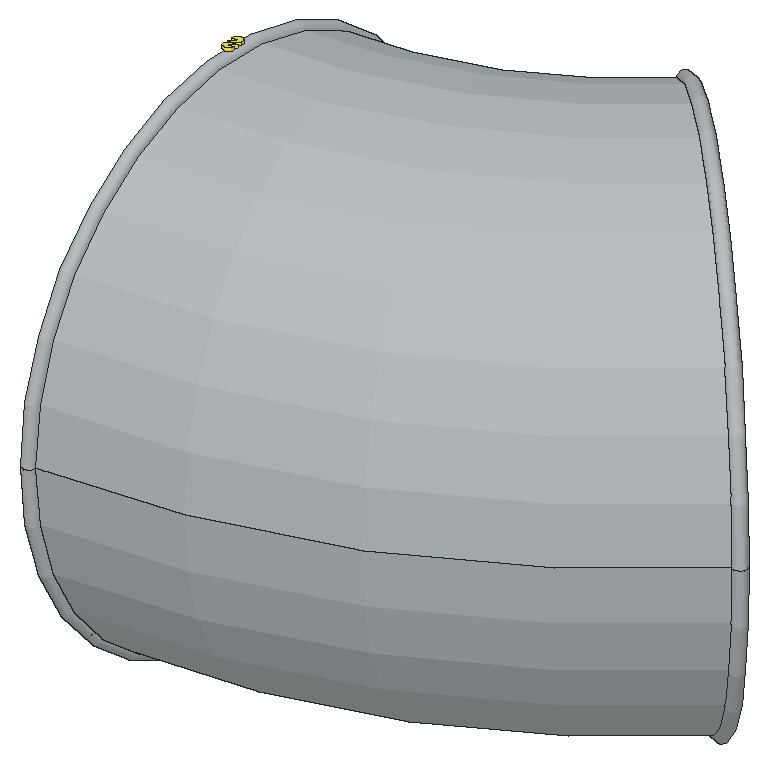
Revit family "NLRS_57_DUF_UN_round-bend_LT_velu", category Duct Fittings, Revit 2021
Family settings
  Round Connector Dimension = Use Diameter
  Part Type = Elbow
  Work Plane-Based = No
  Always vertical = Yes
  Cut with Voids When Loaded = No
  Shared = No
Parameters (values of type "SB/SBG")
  VELU_c01_diameter [instance] = if(NLRS_M_c01_diameter < 40.00 mm, 40.00 mm, if(NLRS_M_c01_diameter > 1500.00 mm, 1500.00 mm, NLRS_M_c01_diameter))  # 200.00 mm
  VELU_Werkendelengte [instance] = size_lookup(VELU_Article_Selector, "L1", VELU_Bochtlengte, VELU_c01_diameter, VELU_c01_diameter, (VELU_Hoek / 1.00°) * 1.00 mm)  # 82.00 mm
  VELU_Verbindingslengte [instance] = size_lookup(VELU_Article_Selector, "Li1", 45.00 mm, VELU_c01_diameter, VELU_c01_diameter, (VELU_Hoek / 1.00°) * 1.00 mm)  # 35.00 mm
  VELU_Show_IL2 [instance] = or(Plaats insteeklengten, and(VELU_Koppelbus2, VELU_Verbindingslengte - VELU_Koppelbus_Li1 > 0.00 mm))  # no
  VELU_Show_IL1 [instance] = or(Plaats insteeklengten, and(VELU_Koppelbus1, VELU_Verbindingslengte - VELU_Koppelbus_Li1 > 0.00 mm))  # no
  VELU_Segmenthoek [instance] = if(VELU_Segmentaantal > 1, 90.00° / (VELU_Segmentaantal - 1), 90.00°)  # 90.00°
  VELU_Segmentbocht [instance] = not(size_lookup(VELU_Article_Data2, "S", 0, VELU_c01_diameter, VELU_c01_diameter, (VELU_Hoek / 1.00°) * 1.00 mm) = 1)  # no
  VELU_Segmentaantal [instance] = size_lookup(VELU_Article_Selector, "S", if(VELU_Hoek < 35.00°, 2, if(VELU_Hoek < 65.00°, 3, 4)), VELU_c01_diameter, VELU_c01_diameter, VELU_Hoek / 1.00° * 1.00 mm)  # 1
  VELU_Safe [instance] = 1 = 1  # yes
  VELU_Ril_Offset [instance] = VELU_Bochtlengte - 1.00 mm  # 81.843 mm
  VELU_Reken_Lengte [instance] = 2 * VELU_Bochtlengte  # 165.685 mm
  VELU_Opmerking [instance] = if(VELU_Geldig_Artikel, " ", "Dit is geen standaard VELU artikel.")  # " "
  VELU_Offset1 [instance] = if(Plaats insteeklengten, VELU_Verbindingslengte, if(VELU_Verbindingslengte - VELU_Koppelbus_Li1 > 0.00 mm, VELU_Verbindingslengte - VELU_Koppelbus_Li1, 0.00 mm)) + 1.00 mm  # 1.00 mm
  VELU_Model_Radius [instance] = size_lookup(VELU_Article_Selector, "R", VELU_c01_diameter, VELU_c01_diameter, VELU_c01_diameter, (VELU_Hoek / 1.00°) * 1.00 mm)  # 200.00 mm
  VELU_Model_Diameter [instance] = VELU_c01_diameter  # 200.00 mm
  VELU_Model [instance] = size_lookup(VELU_Article_Selector, "", "NB", VELU_c01_diameter, VELU_c01_diameter, (VELU_Hoek / 1.00°) * 1.00 mm)  # "SBG 200 45"
  VELU_Material [instance] = NLRS_57_sendzimir verzinkt_gen_sacs
  VELU_Logo_Z [instance] = VELU_c01_diameter + VELU_Connector_Ril  # 205.00 mm
  VELU_Koppelbus_Li1 [instance] = size_lookup(VELU_Article_Data3, "Li1", 44.00 mm, VELU_c01_diameter)  # 37.00 mm
  VELU_Koppelbus_L1 [instance] = size_lookup(VELU_Article_Data3, "L1", 96.00 mm, VELU_c01_diameter)  # 82.00 mm
  VELU_Koppelbus2 [instance] = no
  VELU_Koppelbus1 [instance] = no
  VELU_Hoek [instance] = if(NLRS_C_hoek > 90.00°, 90.00°, if(NLRS_C_hoek < 2.50°, 3.00°, NLRS_C_hoek))  # 45.00°
  VELU_Gewicht [instance] = size_lookup(VELU_Article_Selector, "kg", 0, VELU_c01_diameter, VELU_c01_diameter, (VELU_Hoek / 1.00°) * 1.00 mm) * 1.00 kg  # 0.70 kg
  VELU_Geldig_Artikel [instance] = not(size_lookup(VELU_Article_Selector, "S", 0, VELU_c01_diameter, VELU_c01_diameter, (VELU_Hoek / 1.00°) * 1.00 mm) = 0)  # yes
  VELU_Contra_Angle [instance] = 90.00° - VELU_Hoek  # 45.00°
  VELU_Connector_Ril [instance] = size_lookup(VELU_Article_Selector, "Ril1", 8.00 mm, VELU_c01_diameter, VELU_c01_diameter, (VELU_Hoek / 1.00°) * 1.00 mm)  # 5.00 mm
  VELU_Connector2_Pos [instance] = VELU_Bochtlengte + if(VELU_Koppelbus2, VELU_Koppelbus_L1 + if(VELU_Verbindingslengte > VELU_Koppelbus_Li1, VELU_Verbindingslengte - VELU_Koppelbus_Li1, 0.00 mm), 0.00 mm)  # 82.843 mm
  VELU_Connector1_Pos [instance] = VELU_Bochtlengte + if(VELU_Koppelbus1, VELU_Koppelbus_L1 + if(VELU_Verbindingslengte > VELU_Koppelbus_Li1, VELU_Verbindingslengte - VELU_Koppelbus_Li1, 0.00 mm), 0.00 mm)  # 82.843 mm
  VELU_Bochtlengte [instance] = VELU_Model_Radius * tan(VELU_Hoek / 2)  # 82.843 mm
  VELU_Bim-site [instance] = "https://velu.nl/bim/"
  VELU_Artikel_code [instance] = size_lookup(VELU_Article_Selector, "artikelcode", "NB", VELU_c01_diameter, VELU_c01_diameter, (VELU_Hoek / 1.00°) * 1.00 mm)  # "5050000107"
  VELU_Article_Selector [instance] = if(VELU_Segmentbocht, VELU_Article_Data, VELU_Article_Data2)  # "SBG"
  VELU_Article_Data3 = "VH"  # constant formula
  VELU_Article_Data2 = "SBG"  # constant formula
  VELU_Article_Data = "SB"  # constant formula
  built-in parameter 1114242 [instance] = 1
  URL = "https://webshop.velu.nl/ronde-kanalen/#twn|?tn_cid=49-51"
  Type Image = <None>
  Type Comments = "Velu bocht"  # constant formula
  Plaats insteeklengten [instance] = no
  NLRS_M_c01_diameter [instance] = 200.00 mm
  NLRS_C_radius [instance] = VELU_Model_Radius  # 200.00 mm
  NLRS_C_model [instance] = VELU_Model  # "SBG 200 45"
  NLRS_C_hoek [instance] = 45.00°
  NLRS_C_description = Description  # "Ronde bocht, R=D"
  NLRS_C_content_versie = "3.21.01"  # constant formula
  NLRS_C_content_provider = "Velu Klimaattechnische groothandel"  # constant formula
  NLRS_C_content_datum_gewijzigd = "30-11-2023"  # constant formula
  NLRS_C_content_creator = "J. Feeke"  # constant formula
  NLRS_C_bestemming = "Ventilatiesystemen"  # constant formula
  Model = "Velu bocht"  # constant formula
  Manufacturer = "Velu Klimaattechnische groothandel"  # constant formula
  IfcExportType = "BEND"  # constant formula
  IfcExportAs = "IfcDuctFittingType"  # constant formula
  IfcDescription = Description  # "Ronde bocht, R=D"
  Description = "Ronde bocht, R=D"  # constant formula
  Default Elevation = 0.00 mm
  Assembly Code = "57.00"
Reference planes
  plane 1 "Center (Front/Back)": y = 0
  plane 2: z = 0
  plane 3 "Center (Left/Right)": x = 0
  plane 4: y = 200
  plane 5 "Left": x = -82.843
  plane 6: z = 102.5
  plane 7: z = -102.5
  plane 8 "Extra1": x = -81.843
  plane 9 "Extra2": x = -82.843
Forms (mm)
  Sweep 1, solid, material "NLRS_57_sendzimir verzinkt_gen_sacs" <- "VELU_Material", detail levels medium+fine
    path in 3D
      loop
        arc (-82.843, 0, 0) -> (-6.306, 15.224, 0) -> (58.579, 58.579, 0) r 200
    profile origin (-6.306, 15.224, 0) x (-0.382683, 0.92388, 0) y (0, 0, 1)
      loop
        circle (0, 0) r 100
  Sweep 2, solid, material "NLRS_57_sendzimir verzinkt_gen_sacs" <- "VELU_Material", not visible
    path in 3D
      loop
        arc (-82.843, 0, 0) -> (-6.306, 15.224, 0) -> (58.579, 58.579, 0) r 200
    profile origin (-6.306, 15.224, 0) x (-0.382683, 0.92388, 0) y (0, 0, 1)
      loop
        circle (0, 0) r 100
  Sweep 3, solid, material "NLRS_57_sendzimir verzinkt_gen_sacs" <- "VELU_Material", detail levels medium+fine
    path in 3D
      loop
        arc (-82.843, -100, 0) -> (-82.843, 0, -100) -> (-82.843, 100, 0) r 100
        arc (-82.843, 100, 0) -> (-82.843, 0, 100) -> (-82.843, -100, 0) r 100
    profile "Insertion_Profile_rubber : Insertion_Profile" origin (-82.843, 0, 100) x (0, 0, 1) y (-1, 0, 0)
      loop
        line (0, 0) -> (0, -5)
        arc (0, -5) -> (2.5, -2.5) -> (0, 0) r 2.5
  Sweep 4, solid, material "NLRS_57_sendzimir verzinkt_gen_sacs" <- "VELU_Material", detail levels medium+fine
    path in 3D
      loop
        arc (-12.132, 129.289, 0) -> (58.579, 58.579, -100) -> (129.289, -12.132, 0) r 100
        arc (129.289, -12.132, 0) -> (58.579, 58.579, 100) -> (-12.132, 129.289, 0) r 100
    profile "Insertion_Profile_rubber : Insertion_Profile" origin (58.579, 58.579, 100) x (0, 0, 1) y (0.707107, 0.707107, 0)
      loop
        line (0, 0) -> (0, -5)
        arc (0, -5) -> (2.5, -2.5) -> (0, 0) r 2.5
  Extrusion 5, solid, material "NLRS_57_sendzimir verzinkt_gen_sacs" <- "VELU_Material", visible <- "VELU_Show_IL1", detail levels medium+fine
    sketch origin (-81.843, 0, 0) x (0, 1, 0) y (0, 0, 1)
      loop
        circle (0, 0) r 100
    from 0 to -1
  Extrusion 6, solid, material "NLRS_57_sendzimir verzinkt_gen_sacs" <- "VELU_Material", visible <- "VELU_Show_IL2", detail levels medium+fine
    sketch origin (57.872, 57.872, 0) x (0, 0, 1) y (0.707107, -0.707107, 0)
      loop
        circle (0, 0) r 100
    from 0 to 1 <- "VELU_Offset1"
Lines and regions (mm)
  model lines, style "DuctFittingCenterLine", detail levels coarse
    curve 1: arc (-82.843, 0, 0) -> (-6.306, 15.224, 0) -> (58.579, 58.579, 0) r 200
  model lines, style "DuctFittingCenterLine"
    curve 2: line (-157.191, 0, 0) -> (-159.191, 0, 0)
  reference lines
    curve 3: line (0, 0, 0) -> (58.579, 58.579, 0)
    curve 4: line (0, 0, 0) -> (-82.843, 0, 0)
    curve 5: line (0, 0, 0) -> (58.579, 58.579, 0)
    curve 12: line (0, 0, 0) -> (57.872, 57.872, 0)
  sketch lines
    curve 6: arc (-82.843, 0, 0) -> (-6.306, 15.224, 0) -> (58.579, 58.579, 0) r 200
    curve 7: arc (-82.843, 0, 0) -> (-6.306, 15.224, 0) -> (58.579, 58.579, 0) r 200
    curve 8: arc (-82.843, 100, 0) -> (-82.843, 0, 100) -> (-82.843, -100, 0) r 100
    curve 9: arc (-82.843, -100, 0) -> (-82.843, 0, -100) -> (-82.843, 100, 0) r 100
    curve 10: arc (129.289, -12.132, 0) -> (58.579, 58.579, 100) -> (-12.132, 129.289, 0) r 100
    curve 11: arc (-12.132, 129.289, 0) -> (58.579, 58.579, -100) -> (129.289, -12.132, 0) r 100
Dimensions and locks
  "VELU_Model_Radius": plane 1 "Center (Front/Back)" to plane 4
  "VELU_Bochtlengte": plane 5 "Left" to plane 3 "Center (Left/Right)"
  "VELU_Bochtlengte": curve 3 to curve 3
  "VELU_Connector1_Pos": curve 4 to curve 4
  "VELU_Connector2_Pos": curve 5 to curve 5
  locked: curve 5 to nested 2
  locked: plane 5 "Left" to nested 3 at 2
  equal spacing: plane 6, level, plane 7
  "VELU_Logo_Z": plane 6 to plane 7
  "VELU_Ril_Offset": curve 12 to curve 12
  locked: plane 1 "Center (Front/Back)" to curve 12
  locked: plane 3 "Center (Left/Right)" to curve 12
  "VELU_Ril_Offset": plane 8 "Extra1" to plane 3 "Center (Left/Right)"
  "VELU_Offset1": plane 9 "Extra2" to plane 8 "Extra1"
  locked: plane 5 "Left" to nested 4 at 2
  "VELU_Model_Radius": radius of curve 1
  "VELU_c01_diameter": diameter of Sweep 1 sketch curve
  "VELU_Model_Diameter": diameter of Sweep 2 sketch curve
  "VELU_c01_diameter": diameter of Extrusion 5 sketch curve
  "VELU_c01_diameter": diameter of Extrusion 6 sketch curve
  "VELU_Hoek": angle curve 1 to curve 1
  "VELU_Hoek": angle plane 1 "Center (Front/Back)" to curve 3
  "VELU_Contra_Angle": angle nested 2 to plane 3 "Center (Left/Right)"
  "VELU_Contra_Angle": angle curve 5 to plane 3 "Center (Left/Right)"
  "VELU_Hoek": angle plane 1 "Center (Front/Back)" to curve 12
  aligned and locked: level to plane 2
  aligned and locked: plane 5 "Left" to curve 1
  aligned and locked: plane 4 to curve 1
  aligned and locked: nested 1 to plane 1 "Center (Front/Back)"
  aligned and locked: plane 1 "Center (Front/Back)" to nested 3
  aligned and locked: nested 3 to plane 6
  aligned and locked: Extrusion 5 to plane 9 "Extra2"
  aligned and locked: plane 8 "Extra1" to Extrusion 5
  aligned and locked: nested 1 to curve 4
  aligned and locked: nested 2 to curve 5
  aligned and locked: plane 7 to nested 4
Automatic sketch dimensions
  plane 1 "Center (Front/Back)" to curve 2 = 0.00 mm
  curve 2 to plane 5 "Left" = 74.349 mm
  curve 2 to curve 2 = 2.00 mm
  curve 1 to plane 5 "Left" = 0.00 mm
  Sweep 1 sketch curve to profile plane = 0.00 mm
  profile plane to Sweep 1 sketch curve = 0.00 mm
  Sweep 2 sketch curve to profile plane = 0.00 mm
  profile plane to Sweep 2 sketch curve = 0.00 mm
  Extrusion 5 sketch curve to level = 0.00 mm
  Extrusion 5 sketch curve to plane 1 "Center (Front/Back)" = 0.00 mm
  level to Extrusion 6 sketch curve = 0.00 mm
Nested families
  nested 1: "NLRS_57_DUF_UN_round-coupling_LT_velu" at (-0.843, 0, 0) x (-1, 0, 0) z (0, 0, 1), visible <- "VELU_Koppelbus1", NLRS_M_c01_diameter <- "NLRS_M_c01_diameter", VELU_Material <- "VELU_Material", type "VH"
    with VELU_c01_diameter 200.00 mm, VELU_Werkendelengte 82.00 mm, VELU_Verbindingslengte 37.00 mm, VELU_Reken_Lengte 82.00 mm, VELU_Opmerking " ", VELU_Offset1 41.00 mm, VELU_Model_Radius2 4.00 mm, VELU_Model_Radius 101.00 mm, VELU_Model "VH 200", VELU_Material NLRS_57_sendzimir verzinkt_gen_sacs, VELU_Gewicht 0.21 kg, VELU_Geldig_Artikel yes, VELU_Connector_Ril 8.00 mm, VELU_Bim-site "https://velu.nl/bim/", VELU_Artikel_code "5060000628", NLRS_M_c01_diameter 200.00 mm, NLRS_C_model "VH 200"
  nested 2: "NLRS_57_DUF_UN_round-coupling_LT_velu" at (0.596, 0.596, 0) x (0.7071, 0.7071, 0) z (0, 0, 1), visible <- "VELU_Koppelbus2", NLRS_M_c01_diameter <- "NLRS_M_c01_diameter", VELU_Material <- "VELU_Material", type "VH"
    with VELU_c01_diameter 200.00 mm, VELU_Werkendelengte 82.00 mm, VELU_Verbindingslengte 37.00 mm, VELU_Reken_Lengte 82.00 mm, VELU_Opmerking " ", VELU_Offset1 41.00 mm, VELU_Model_Radius2 4.00 mm, VELU_Model_Radius 101.00 mm, VELU_Model "VH 200", VELU_Material NLRS_57_sendzimir verzinkt_gen_sacs, VELU_Gewicht 0.21 kg, VELU_Geldig_Artikel yes, VELU_Connector_Ril 8.00 mm, VELU_Bim-site "https://velu.nl/bim/", VELU_Artikel_code "5060000628", NLRS_M_c01_diameter 200.00 mm, NLRS_C_model "VH 200"
  nested 3: "logo_velu" at (-80.843, 0, 102.5) x (0, -1, 0) z (0, 0, 1), type "logo_velu"
    with t 2.00 mm
  nested 4: "logo_velu" at (-80.843, 0, -103.5) x (0, -1, 0) z (0, 0, 1), type "logo_velu"
    with t 2.00 mm
Connectors
  hvac at (-82.843, 0, 0), driven by "NLRS_M_c01_diameter"
    settings: on curve 4, index 1, duct flow 0.0 L/s, flow factor 0, pres drop 0.0 Pa, loss coef 0, conn angle 0.00°, conn width 304.8 mm, conn height 304.8 mm, conn diameter 200 mm, duct sys type 28, conn prof type 0, flow config 2, flow direction 0, loss method 6, conn ref index 2, conn util no, is conn primary yes, conn desc ""
  hvac at (58.579, 58.579, 0), driven by "NLRS_M_c01_diameter", driven by "NLRS_C_hoek"
    settings: on curve 5, index 2, duct flow 0.0 L/s, flow factor 0, pres drop 0.0 Pa, loss coef 0, conn angle 45.00°, conn width 304.8 mm, conn height 304.8 mm, conn diameter 200 mm, duct sys type 28, conn prof type 0, flow config 2, flow direction 0, loss method 6, conn ref index 1, conn util no, is conn primary no, conn desc ""
Definition of nested family "NLRS_57_DUF_UN_round-coupling_LT_velu"
  Parameters (values of type "VH")
    VELU_c01_diameter [instance] = if(NLRS_M_c01_diameter < 40.00 mm, 40.00 mm, if(NLRS_M_c01_diameter > 1500.00 mm, 1500.00 mm, NLRS_M_c01_diameter))  # 100.00 mm
    VELU_Werkendelengte [instance] = size_lookup(VELU_Article_Data, "L1", 96.00 mm, VELU_c01_diameter)  # 82.00 mm
    VELU_Verbindingslengte [instance] = size_lookup(VELU_Article_Data, "Li1", 44.00 mm, VELU_c01_diameter)  # 37.00 mm
    VELU_Reken_Lengte [instance] = VELU_Werkendelengte  # 82.00 mm
    VELU_Opmerking [instance] = if(VELU_Geldig_Artikel, " ", "Dit is geen standaard VELU artikel.")  # " "
    VELU_Offset1 [instance] = VELU_Verbindingslengte + VELU_Connector_Ril / 2  # 41.00 mm
    VELU_Model_Radius2 [instance] = VELU_Connector_Ril / 2  # 4.00 mm
    VELU_Model_Radius [instance] = (VELU_c01_diameter / 2) + 1.00 mm  # 51.00 mm
    VELU_Model [instance] = size_lookup(VELU_Article_Data, "", "NB", VELU_c01_diameter)  # "VH 100"
    VELU_Material [instance] = none
    VELU_Gewicht [instance] = size_lookup(VELU_Article_Data, "kg", 0, VELU_c01_diameter) * 1.00 kg  # 0.11 kg
    VELU_Geldig_Artikel [instance] = not(size_lookup(VELU_Article_Data, "L1", 0.00 mm, VELU_c01_diameter) = 0.00 mm)  # yes
    VELU_Connector_Ril [instance] = size_lookup(VELU_Article_Data, "Ril1", 8.00 mm, VELU_c01_diameter)  # 8.00 mm
    VELU_Bim-site [instance] = "https://velu.nl/bim/"
    VELU_Artikel_code [instance] = size_lookup(VELU_Article_Data, "artikelcode", "NB", VELU_c01_diameter)  # "5060000623"
    VELU_Article_Data = "VH"  # constant formula
    URL = "http:\\\\www.bimvoorfabrikanten.nl/pdfluka/ISR_Luka_rond_koppelstuk.pdf"
    Type Comments = "Shared model voor Velu fittings"  # constant formula
    NLRS_M_c01_diameter [instance] = 100.00 mm
    NLRS_C_model [instance] = VELU_Model  # "VH 100"
    NLRS_C_description = Description  # "Rond - koppelstuk tbv hulpstukken"
    NLRS_C_content_versie = "3.21.01"  # constant formula
    NLRS_C_content_provider = "Velu Klimaattechnische groothandel"  # constant formula
    NLRS_C_content_datum_gewijzigd = "28-11-2023"  # constant formula
    NLRS_C_content_creator = "J. Feeke"  # constant formula
    NLRS_C_bestemming = "Ventilatiesystemen"  # constant formula
    Model = "Velu Koppelstuk"  # constant formula
    Manufacturer = "Velu Klimaattechnische groothandel"  # constant formula
    IfcExportType = "CONNECTOR"  # constant formula
    IfcExportAs = "IfcDuctFittingType"  # constant formula
    IfcDescription = Description  # "Rond - koppelstuk tbv hulpstukken"
    Description = "Rond - koppelstuk tbv hulpstukken"  # constant formula
    Default Elevation = 0.00 mm
    Assembly Code = "57.5"
  Reference planes
    plane 1 "Center (Front/Back)": y = 0
    plane 2: z = 0
    plane 3 "Center (Left/Right)": x = 0
    plane 4 "Center_VH": x = 41
    plane 5: x = 82
    plane 6: y = 51
  Forms (mm)
    Revolve 1, solid, material <- "VELU_Material", detail levels medium+fine
      sketch origin (0, 0, 0) x (1, 0, 0) y (0, 1, 0)
        loop
          line (0, 0) -> (82, 0) -> (82, 51) -> (45, 51)
          arc (45, 51) -> (41, 47) -> (37, 51) r 4
          line (37, 51) -> (0, 51) -> (0, 0)
        axis (82, 0) -> (0, 0)
      angle from 0 to 360
  Lines and regions (mm)
    model lines, detail levels coarse
      curve 1: line (0, 0, 0) -> (82, 0, 0)
  Dimensions and locks
    equal spacing: plane 3 "Center (Left/Right)", plane 4 "Center_VH", plane 5
    "VELU_Offset1": plane 3 "Center (Left/Right)" to plane 4 "Center_VH"
    "VELU_Model_Radius": plane 6 to plane 1 "Center (Front/Back)"
    Revolve 1 sketch curve to Revolve 1 sketch curve = 0.00 mm
    "VELU_Model_Radius2": radius of Revolve 1 sketch curve
    aligned and locked: level to plane 2
    aligned and locked: plane 3 "Center (Left/Right)" to curve 1
    aligned and locked: plane 5 to curve 1
    aligned and locked: plane 1 "Center (Front/Back)" to curve 1
  Automatic sketch dimensions
    Revolve 1 sketch curve to plane 1 "Center (Front/Back)" = 0.00 mm
    Revolve 1 sketch curve to plane 3 "Center (Left/Right)" = 0.00 mm
    Revolve 1 sketch curve to plane 6 = 0.00 mm
    Revolve 1 sketch curve to plane 4 "Center_VH" = 0.00 mm
    plane 1 "Center (Front/Back)" to Revolve 1 sketch curve = 0.00 mm
    Revolve 1 sketch curve to plane 5 = 0.00 mm
    Revolve 1 sketch curve to plane 3 "Center (Left/Right)" = 2000.00 mm
    Revolve 1 sketch curve to Revolve 1 sketch curve = 1918.00 mm
Definition of nested family "logo_velu"
  Parameters (values of type "logo_velu")
    t = 5.00 mm
    Model = "LOD 400"
    Description = "Model type"
    Default Elevation = 1219.20 mm
  Reference planes
    plane 1 "Center (Front/Back)": y = 0
    plane 2: z = 0
    plane 3 "Center (Left/Right)": x = 0
    plane 4: z = 1
    plane 5: x = -10
    plane 6: y = -5
    plane 7: y = 5
    plane 8: x = -5
    plane 9: x = 5
    plane 10: x = 10
  Forms (mm)
    Extrusion 1, solid, detail levels medium+fine
      sketch origin (-547.644, -297.937, 0) x (1, 0, 0) y (0, 1, 0)
        loop
          arc (542.644, 302.937) -> (537.644, 297.937) -> (542.644, 292.937) r 5
          line (542.644, 292.937) -> (542.644, 297.937) -> (547.644, 292.937) -> (547.644, 297.937) -> (542.644, 302.937)
      from 0 to 1
    Extrusion 2, solid, detail levels medium+fine
      sketch origin (0, 0, 0) x (1, 0, 0) y (0, 1, 0)
        loop
          arc (5, -5) -> (10, 0) -> (5, 5) r 5
          line (5, 5) -> (5, 0) -> (0, 5) -> (0, 0) -> (5, -5)
      from 0 to 1
  Dimensions and locks
    "t": plane 7 to plane 1 "Center (Front/Back)"
    "t": plane 6 to plane 1 "Center (Front/Back)"
    "t": plane 5 to plane 8
    "t": plane 8 to plane 3 "Center (Left/Right)"
    "t": plane 3 "Center (Left/Right)" to plane 9
    "t": plane 9 to plane 10
    aligned and locked: level to plane 2
    aligned and locked: plane 4 to Extrusion 1
    aligned and locked: plane 4 to Extrusion 2
  Automatic sketch dimensions
    plane 1 "Center (Front/Back)" to Extrusion 1 sketch curve = 0.00 mm  (x3)
    Extrusion 1 sketch curve to plane 8 = 0.00 mm
    Extrusion 1 sketch curve to plane 7 = 0.00 mm
    Extrusion 1 sketch curve to plane 3 "Center (Left/Right)" = 0.00 mm
    Extrusion 1 sketch curve to plane 6 = 0.00 mm
    Extrusion 2 sketch curve to plane 3 "Center (Left/Right)" = 0.00 mm
    plane 1 "Center (Front/Back)" to Extrusion 2 sketch curve = 0.00 mm  (x3)
    Extrusion 2 sketch curve to plane 6 = 0.00 mm
    Extrusion 2 sketch curve to plane 9 = 0.00 mm
    Extrusion 2 sketch curve to plane 7 = 0.00 mm
